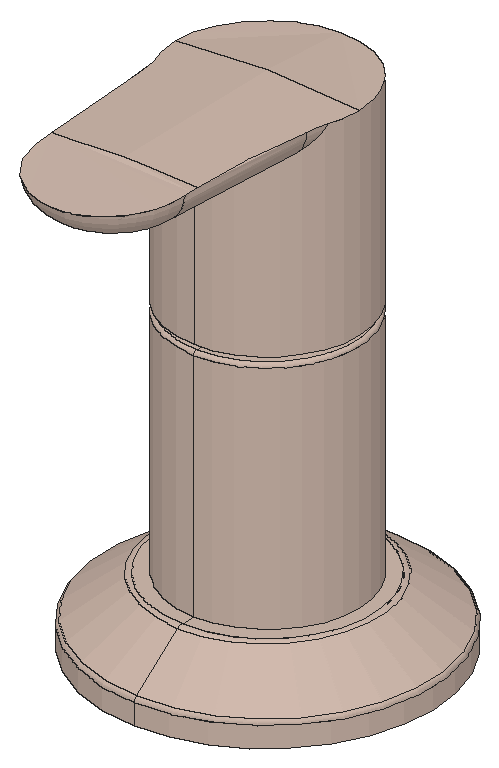
Revit family "Shower-Valve_Trim-KOHLER-July-K-16087IN-1", category Specialty Equipment, host Face, Revit 2021
Family settings
  Host = Face
  Round Connector Dimension = Use Diameter
  Part Type = Normal
  OmniClass Number = 23.31.25.00
  OmniClass Title = Toilet and Bath Specialties
  Cut with Voids When Loaded = No
  Shared = No
  Room Calculation Point = No
Parameters (values of type "RGD-Polished Rose Gold")
  Width = 2.20472"  # constant formula
  WaterSense Certified = 1 = 0  # no
  URL = "https://www.kohler.co.in/"
  Type = 5
  Product Page URL = "https://www.kohler.co.in/p/diverters-trims/july-in-line-stop-valve-trim-both-g13mm-and-g19mm-16087in-4?skuId=16087IN-4-RGD"
  Product Name = "July"  # constant formula
  Product Documentation Link = ""
  Model = if(Type = 1, "K-16087IN-4-AF", if(Type = 2, "K-16087IN-4-BV", if(Type = 3, "K-16087IN-4-BN", if(Type = 4, "K-16087IN-4-CP", if(Type = 5, "K-16087IN-4-RGD", if(Type = 6, "K-10687IN-4-BRD", "NA"))))))  # "K-16087IN-4-RGD"
  Material = "Premium Metal Construction"  # constant formula
  Master Format 2014 Name = "Toilet, Bath, and Laundry Accessories"  # constant formula
  Master Format 2014 = "10 28 00"  # constant formula
  Manufacturer Address = "Ambience Office Tower NH-8 Gurgaon / Gurugram Haryana , 122001"  # constant formula
  Manufacturer = "Kohler Co."  # constant formula
  Length = 3.44587"  # constant formula
  Height = 2.20472"  # constant formula
  Finish = Kohler-Metal-RGD-Polished_Rose_Gold
  Environmental Product Declaration = ""
  Description = "In-line stop valve trim (both G13mm and G19mm)"  # constant formula
  Default Elevation = 42"
  Declare Label = ""
  Date Modified = "08/16/2024"  # constant formula
  Date Created = "12/10/2020"  # constant formula
  Copyright = "Copyright Kohler Co."  # constant formula
  Contact Us = "https://www.kohler.co.in/contact-us"
  Assembly Code = "C1030200"
  ADA Compliant = 1 = 0  # no
Types (7): name | Type | Product Page URL | Model | Finish
  (no name) | 5 | "https://www.kohler.co.in/p/diverters-trims/july-in-line-stop-valve-trim-both-g13mm-and-g19mm-16087in-4?skuId=16087IN-4-RGD" | "K-16087IN-4-RGD" | Kohler-Metal-RGD-Polished_Rose_Gold
  AF-Vibrant French Gold | 1 | "https://www.kohler.co.in/p/diverters-trims/july-in-line-stop-valve-trim-both-g13mm-and-g19mm-16087in-4?skuId=16087IN-4-AF" | "K-16087IN-4-AF" | Kohler-Metal-AF-Vibrant_French_Gold
  BV-Brushed Bronze | 2 | "" | "K-16087IN-4-BV" | Kohler-Metal-BV-Brushed_Bronze
  BN-Vibrant Brushed Nickel | 3 | "" | "K-16087IN-4-BN" | Kohler-Metal-BN-Vibrant_Brushed_Nickel
  CP-Polished Chrome | 4 | "https://www.kohler.co.in/product-detail/16087in-4?skuid=K-16087IN-4-CP" | "K-16087IN-4-CP" | Kohler-Metal-CP-Polished_Chrome
  RGD-Polished Rose Gold | 5 | "https://www.kohler.co.in/p/diverters-trims/july-in-line-stop-valve-trim-both-g13mm-and-g19mm-16087in-4?skuId=16087IN-4-RGD" | "K-16087IN-4-RGD" | Kohler-Metal-RGD-Polished_Rose_Gold
  BRD-Brushed Rose Gold | 6 | "" | "K-10687IN-4-BRD" | KOHLER-Metal-BRD-Brushed_Rose_Gold
Reference planes (in)
  plane 1 "Center (Front/Back)": y = 0
  plane 2: z = 0
  plane 3 "Center (Left/Right)": x = 0
  plane 4: y = 1.10236
  plane 5: x = -1.10236
  plane 6: x = 1.10236
  plane 7: y = -1.10236
  plane 8: y = -1.77165
  plane 9: z = 3.44587
  plane 10: z = 0.43307
Dimensions and locks (in)
  locked: plane 4 to plane 8 at 2.87402
  locked: plane 1 "Center (Front/Back)" to plane 8 at 1.77165
  plane 10 to plane 2 = 0.43307"
  "Width": plane 5 to plane 6
  "Height": plane 4 to plane 7
  "Length": plane 9 to level
  aligned and locked: plane 2 to host face
  aligned and locked: level to host face
  aligned and locked: plane 3 "Center (Left/Right)" to nested 1
  aligned and locked: plane 1 "Center (Front/Back)" to nested 1
  aligned and locked: plane 7 to nested 1
  aligned and locked: plane 4 to nested 1
  aligned and locked: plane 6 to nested 1
  aligned and locked: plane 5 to nested 1
  aligned and locked: level to nested 1
  aligned and locked: plane 10 to nested 1
  aligned and locked: plane 9 to nested 1
Automatic sketch dimensions
  host sketch curve to host sketch curve = 96"  (x2)
Nested families (in)
  nested 1: "K-16087IN" at (0, 0, 0), type "K-16087IN"
Definition of nested family "K-16087IN"
  Parameters
    Material = none
    Default Elevation = 0"
  Reference planes (in)
    plane 1 "Center (Front/Back)": y = 0
    plane 2: z = 0
    plane 3 "Center (Left/Right)": x = 0
    plane 4: z = 3.44586
    plane 5: y = -1.77165
    plane 6: y = 1.10236
    plane 7: y = -1.10236
    plane 8: z = 0.43307
    plane 9: x = -1.10236
    plane 10: x = 1.10236
    plane 11: z = 0
  Forms (in)
    Revolve 1, solid, material <- "Material", detail levels medium+fine
      sketch origin (0, 0, 0) x (0, 1, 0) y (0, 0, 1)
        loop
          line (0, 3.44586) -> (0, 0) -> (1.10236, 0) -> (1.10236, 0.13763)
          arc (1.10236, 0.13763) -> (1.09812, 0.15539) -> (1.0863, 0.16932) r 0.0393
          line (1.0863, 0.16932) -> (0.74226, 0.42164)
          arc (0.74226, 0.42164) -> (0.72571, 0.43014) -> (0.70733, 0.43307) r 0.05906
          line (0.70733, 0.43307) -> (0.61101, 0.43307) -> (0.61101, 1.98819)
          arc (0.61101, 1.98819) -> (0.60409, 2.00489) -> (0.58739, 2.01181) r 0.02362
          line (0.58739, 2.01181) -> (0.50713, 2.01181)
          arc (0.50713, 2.01181) -> (0.47945, 2.02515) -> (0.47266, 2.05512) r 0.03537
          line (0.47266, 2.05512) -> (0.61101, 2.05512) -> (0.61101, 3.44586) -> (0, 3.44586)
        axis (0, 3.44586) -> (0, 0)
      angle from 0 to 360
    Sweep 2, solid, material <- "Material", detail levels medium+fine
      path origin (0, 0, 0) x (1, 0, 0) y (0, 1, 0)
        loop
          arc (-0.61101, 0) -> (-0.55939, -0.24565) -> (-0.53131, -0.49509) r 2.64353
          arc (-0.53131, -0.49509) -> (-0.50545, -0.90592) -> (-0.48107, -1.31684) r 115.51117
          arc (-0.48107, -1.31684) -> (0.01304, -1.77026) -> (0.48068, -1.28959) r 0.48127
          arc (0.48068, -1.28959) -> (0.49809, -0.82523) -> (0.54945, -0.36339) r 6.34258
          arc (0.54945, -0.36339) -> (0.57838, -0.18138) -> (0.61101, 0) r 9.02962
      profile origin (0.01304, -1.77026, 0) x (-0.028329, 0.999599, 0) y (0, 0, 1)
        loop
          line (0, 3.44586) -> (0, 3.41151)
          arc (0, 3.41151) -> (0.06287, 3.25972) -> (0.21466, 3.19685) r 0.21466
          line (0.21466, 3.19685) -> (0.34904, 3.19685) -> (0.34904, 3.44586) -> (0, 3.44586)
    Extrusion 3, solid, material <- "Material", detail levels medium+fine
      sketch origin (0, 0, 0) x (1, 0, 0) y (0, 1, 0)
        loop
          arc (0.13164, -1.2893) -> (0.14574, -0.86075) -> (0.18725, -0.43399) r 6.69162
          arc (0.18725, -0.43399) -> (0.46289, 0.0956) -> (0, 0.47266) r 0.47266
          arc (0, 0.47266) -> (-0.46309, 0.09464) -> (-0.18545, -0.43476) r 0.47266
          arc (-0.18545, -0.43476) -> (-0.15822, -0.86572) -> (-0.1326, -1.29678) r 115.86021
          arc (-0.1326, -1.29678) -> (0.00316, -1.42137) -> (0.13164, -1.2893) r 0.13223
      from 3.19685 to 3.44586
    Sweep 4, void
      path origin (0, 0, 0) x (0, 1, 0) y (0, 0, 1)
        loop
          arc (1.47605, 3.14504) -> (0.75319, 3.36989) -> (0, 3.44586) r 3.77167
          line (0, 3.44586) -> (-1.1811, 3.44586)
          arc (-1.1811, 3.44586) -> (-2.12196, 3.29838) -> (-2.97256, 2.8701) r 3.07489
      profile origin (0, -0.59055, 3.44586) x (0, 0, -1) y (1, 0, 0)
        loop
          arc (0.08879, -0.7311) -> (0.02349, 0.00757) -> (0.07127, 0.74759) r 4.8632
          line (0.07127, 0.74759) -> (-0.10806, 0.74759) -> (-0.10806, -0.7311) -> (0.08879, -0.7311)
    Extrusion 5, void
      sketch origin (0, 0, 0) x (1, 0, 0) y (0, 0, 1)
        loop
          circle (-0.00016, 3.00144) r 0.14407
      from -0.81094 to -0.48919
    Revolve 6, solid, material <- "Material", detail levels coarse
      sketch origin (0, 0, 0) x (0, 1, 0) y (0, 0, 1)
        loop
          line (0, 0) -> (1.10236, 0) -> (1.10236, 0.43307) -> (0.61101, 0.43307) -> (0.61101, 3.44586) -> (0, 3.44586) -> (0, 0)
        axis (0, 3.44586) -> (0, 0)
      angle from 0 to 360
    Extrusion 7, solid, material <- "Material", detail levels coarse
      sketch origin (0, 0, 0) x (0, 1, 0) y (0, 0, 1)
        loop
          line (0, 3.44586) -> (-1.77165, 3.44586) -> (-1.77165, 3.19184) -> (0, 3.19184) -> (0, 3.44586)
      from -0.4944 to 0.48476
    Revolve 8, solid, detail levels medium+fine
      sketch origin (0, 0, 0) x (0, 1, 0) y (0, 0, 1)
        loop
          line (0.48919, 3.00144) -> (0.59375, 3.00144) -> (0.59375, 3.12204)
          arc (0.59375, 3.12204) -> (0.58777, 3.13646) -> (0.57336, 3.14243) r 0.02039
          line (0.57336, 3.14243) -> (0.48919, 3.14243) -> (0.48919, 3.00144)
        axis (0.48919, 3.00144) -> (0.59375, 3.00144)
      angle from 0 to 360
  Cuts and joins
    Sweep 4, Extrusion 5 cuts Revolve 1
    Sweep 4, Extrusion 5 cuts Sweep 2
    Sweep 4, Extrusion 5 cuts Extrusion 3
    joined: Revolve 1, Sweep 2, Extrusion 3
    joined: Revolve 6, Extrusion 7
  Lines and regions (in)
    Masking region 1
      outline origin (0, 0, 0) x (0, 1, 0) y (0, 0, 1)
        loop
          line (0.61101, 2.05512) -> (0.61101, 2.85741)
          arc (0.61101, 2.85741) -> (0.59491, 3.00146) -> (0.61101, 3.14551) r 0.65225
          line (0.61101, 3.14551) -> (0.61101, 3.35697)
          arc (0.61101, 3.35697) -> (0.60208, 3.38194) -> (0.57934, 3.39558) r 0.03937
          arc (0.57934, 3.39558) -> (0.43682, 3.4191) -> (0.29304, 3.43307) r 2.16641
          arc (0.29304, 3.43307) -> (0.09181, 3.44266) -> (-0.10964, 3.44586) r 6.34369
          line (-0.10964, 3.44586) -> (-1.35472, 3.44586)
          arc (-1.35472, 3.44586) -> (-1.54103, 3.43427) -> (-1.72446, 3.39968) r 1.50307
          arc (-1.72446, 3.39968) -> (-1.75549, 3.38131) -> (-1.77165, 3.34908) r 0.06394
          line (-1.77165, 3.34908) -> (-1.77165, 3.31758)
          arc (-1.77165, 3.31758) -> (-1.74498, 3.28349) -> (-1.71333, 3.25395) r 0.278
          arc (-1.71333, 3.25395) -> (-1.63062, 3.20825) -> (-1.53746, 3.19242) r 0.28213
          line (-1.53746, 3.19242) -> (-0.8684, 3.19242)
          arc (-0.8684, 3.19242) -> (-0.6864, 3.11704) -> (-0.61101, 2.93504) r 0.25739
          line (-0.61101, 2.93504) -> (-0.61101, 2.05512) -> (-0.47266, 2.05512)
          arc (-0.47266, 2.05512) -> (-0.47945, 2.02515) -> (-0.50713, 2.01181) r 0.03537
          line (-0.50713, 2.01181) -> (-0.58739, 2.01181)
          arc (-0.58739, 2.01181) -> (-0.60409, 2.00489) -> (-0.61101, 1.98819) r 0.02362
          line (-0.61101, 1.98819) -> (-0.61101, 0.43307) -> (-0.70733, 0.43307)
          arc (-0.70733, 0.43307) -> (-0.72571, 0.43014) -> (-0.74226, 0.42164) r 0.05906
          line (-0.74226, 0.42164) -> (-1.0863, 0.16932)
          arc (-1.0863, 0.16932) -> (-1.09812, 0.15539) -> (-1.10236, 0.13763) r 0.0393
          line (-1.10236, 0.13763) -> (-1.10236, 0) -> (0, 0) -> (1.10236, 0) -> (1.10236, 0.13763)
          arc (1.10236, 0.13763) -> (1.09812, 0.15539) -> (1.0863, 0.16932) r 0.0393
          line (1.0863, 0.16932) -> (0.74226, 0.42164)
          arc (0.74226, 0.42164) -> (0.72571, 0.43014) -> (0.70733, 0.43307) r 0.05906
          line (0.70733, 0.43307) -> (0.61101, 0.43307) -> (0.61101, 1.98819)
          arc (0.61101, 1.98819) -> (0.60409, 2.00489) -> (0.58739, 2.01181) r 0.02362
          line (0.58739, 2.01181) -> (0.50713, 2.01181)
          arc (0.50713, 2.01181) -> (0.47945, 2.02515) -> (0.47266, 2.05512) r 0.03537
          line (0.47266, 2.05512) -> (0.61101, 2.05512)
    Masking region 2
      outline origin (0, 0, 0) x (1, 0, 0) y (0, 0, 1)
        loop
          line (1.10236, 0) -> (1.10236, 0.13559)
          arc (1.10236, 0.13559) -> (1.097, 0.15793) -> (1.08208, 0.1754) r 0.04921
          line (1.08208, 0.1754) -> (0.74088, 0.4233)
          arc (0.74088, 0.4233) -> (0.72661, 0.43057) -> (0.71079, 0.43307) r 0.05118
          line (0.71079, 0.43307) -> (0.61101, 0.43307) -> (0.61101, 1.99016)
          arc (0.61101, 1.99016) -> (0.60467, 2.00547) -> (0.58936, 2.01181) r 0.02165
          line (0.58936, 2.01181) -> (0.51793, 2.01181)
          arc (0.51793, 2.01181) -> (0.48884, 2.02479) -> (0.47908, 2.05512) r 0.03908
          line (0.47908, 2.05512) -> (0.61101, 2.05512) -> (0.61101, 3.3883)
          arc (0.61101, 3.3883) -> (0.60516, 3.40387) -> (0.5905, 3.41172) r 0.02362
          arc (0.5905, 3.41172) -> (0.33257, 3.43732) -> (0.07352, 3.44586) r 3.93067
          line (0.07352, 3.44586) -> (-0.04856, 3.44586)
          arc (-0.04856, 3.44586) -> (-0.32124, 3.43345) -> (-0.59166, 3.39632) r 3.00189
          arc (-0.59166, 3.39632) -> (-0.60554, 3.38821) -> (-0.61101, 3.37309) r 0.02362
          line (-0.61101, 3.37309) -> (-0.61101, 2.05512) -> (-0.47908, 2.05512)
          arc (-0.47908, 2.05512) -> (-0.48884, 2.02479) -> (-0.51793, 2.01181) r 0.03908
          line (-0.51793, 2.01181) -> (-0.58936, 2.01181)
          arc (-0.58936, 2.01181) -> (-0.60467, 2.00547) -> (-0.61101, 1.99016) r 0.02165
          line (-0.61101, 1.99016) -> (-0.61101, 0.43307) -> (-0.71079, 0.43307)
          arc (-0.71079, 0.43307) -> (-0.72661, 0.43057) -> (-0.74088, 0.4233) r 0.05118
          line (-0.74088, 0.4233) -> (-1.08211, 0.17538)
          arc (-1.08211, 0.17538) -> (-1.09701, 0.15793) -> (-1.10236, 0.13563) r 0.04913
          line (-1.10236, 0.13563) -> (-1.10236, 0) -> (1.10236, 0)
    Masking region 3
      outline origin (0, 0, 0) x (1, 0, 0) y (0, 1, 0)
        loop
          arc (0.4915, -0.98673) -> (0.93717, -0.58044) -> (1.10236, -0.00044) r 1.10236
          arc (1.10236, -0.00044) -> (0.00071, 1.10236) -> (-1.10236, 0.00098) r 1.10236
          arc (-1.10236, 0.00098) -> (-0.93995, -0.57593) -> (-0.49969, -0.98261) r 1.10236
          spline (-0.49969, -0.98261) -> (-0.49867, -0.9997) -> (-0.49765, -1.01679) -> (-0.49664, -1.03388) -> (-0.49562, -1.05097) -> (-0.49461, -1.06806) -> (-0.4936, -1.08515) -> (-0.4926, -1.10224) -> (-0.4916, -1.11934) -> (-0.49059, -1.13643) -> (-0.4896, -1.15352) -> (-0.4886, -1.17061) -> (-0.48761, -1.18771)
          spline (-0.48761, -1.18771) -> (-0.48698, -1.19847) -> (-0.48635, -1.20922) -> (-0.48572, -1.21998) -> (-0.48508, -1.23074) -> (-0.48444, -1.2415) -> (-0.4838, -1.25226) -> (-0.48316, -1.26301) -> (-0.48251, -1.27377) -> (-0.48186, -1.28452) -> (-0.4812, -1.29527) -> (-0.48055, -1.30603) -> (-0.47989, -1.31678)
          arc (-0.47989, -1.31678) -> (-0.3306, -1.63988) -> (0.00003, -1.77165) r 0.48054
          arc (0.00003, -1.77165) -> (0.34033, -1.63034) -> (0.48051, -1.28959) r 0.48054
          spline (0.48051, -1.28959) -> (0.48054, -1.28101) -> (0.48057, -1.27244) -> (0.48062, -1.26387) -> (0.48067, -1.2553) -> (0.48074, -1.24672) -> (0.48081, -1.23815) -> (0.4809, -1.22957) -> (0.481, -1.221) -> (0.48111, -1.21242) -> (0.48123, -1.20384) -> (0.48136, -1.19527) -> (0.4815, -1.18669)
          arc (0.4815, -1.18669) -> (0.48486, -1.08663) -> (0.4915, -0.98673) r 3.04152
    symbolic lines, detail levels medium+fine
      curve 1: line (0, 0.47266, 2.05512) -> (0, -0.47266, 2.05512)
      curve 2: line (0, 0.50713, 2.01181) -> (0, -0.50713, 2.01181)
      curve 3: line (0, 0.61101, 0.43307) -> (0, -0.61101, 0.43307)
      curve 4: line (0, 1.10236, 0.13763) -> (0, -1.10236, 0.13763)
      curve 5: line (0, -1.0863, 0.16932) -> (0, 1.0863, 0.16932)
      curve 6: line (0.61101, 0, 0.43307) -> (-0.61101, 0, 0.43307)
      curve 7: line (-1.08211, 0, 0.17538) -> (1.0821, 0, 0.17538)
      curve 8: line (1.10236, 0, 0.13559) -> (-1.10236, 0, 0.13559)
      curve 9: line (0.47908, 0, 2.05512) -> (-0.47908, 0, 2.05512)
      curve 10: line (0.51793, 0, 2.01181) -> (-0.51793, 0, 2.01181)
      curve 11: arc (-0.14422, 0, 3.00144) -> (-0.00016, 0, 2.85737) -> (0.14391, 0, 3.00144) r 0.14407
      curve 12: arc (0.14391, 0, 3.00144) -> (-0.00016, 0, 3.14551) -> (-0.14422, 0, 3.00144) r 0.14407
      curve 13: arc (0.49247, -0.96246, 0) -> (0.00489, 1.08112, 0) -> (-0.50116, -0.95796, 0) r 1.08113
      curve 14: arc (0.5382, -0.44063, 0) -> (-0.0038, 0.69555, 0) -> (-0.53335, -0.44648, 0) r 0.69556
      curve 15: arc (0.52659, -0.53312, 0) -> (0.0006, 0.74934, 0) -> (-0.52744, -0.53228, 0) r 0.74934
      curve 16: arc (0.5724, -0.21376, 0) -> (-0.02104, 0.61065, 0) -> (-0.55633, -0.25265, 0) r 0.61101
      curve 17: spline (0.5724, -0.21376, 0) -> (0.57036, -0.22621, 0) -> (0.56834, -0.23866, 0) -> (0.56633, -0.25112, 0) -> (0.56435, -0.26358, 0) -> (0.56238, -0.27604, 0) -> (0.56043, -0.2885, 0) -> (0.55849, -0.30097, 0) -> (0.55657, -0.31344, 0) -> (0.55467, -0.32591, 0) -> (0.55278, -0.33838, 0) -> (0.55092, -0.35086, 0) -> (0.54907, -0.36334, 0)
      curve 18: spline (-0.52981, -0.49499, 0) -> (-0.53007, -0.49094, 0) -> (-0.53034, -0.4869, 0) -> (-0.53061, -0.48286, 0) -> (-0.53089, -0.47881, 0) -> (-0.53118, -0.47477, 0) -> (-0.53147, -0.47073, 0) -> (-0.53177, -0.46669, 0) -> (-0.53207, -0.46264, 0) -> (-0.53238, -0.4586, 0) -> (-0.5327, -0.45456, 0) -> (-0.53302, -0.45052, 0) -> (-0.53335, -0.44648, 0)
      curve 19: arc (0.54907, -0.36334, 0) -> (0.5435, -0.40196, 0) -> (0.5382, -0.44063, 0) r 5.75249
      curve 20: arc (-0.49969, -0.98261, 0) -> (-0.50043, -0.97028, 0) -> (-0.50116, -0.95796, 0) r 117.59418
      curve 21: arc (0.5382, -0.44063, 0) -> (0.5322, -0.48685, 0) -> (0.52659, -0.53312, 0) r 5.75249
      curve 22: arc (0.52659, -0.53312, 0) -> (0.50551, -0.74747, 0) -> (0.49247, -0.96246, 0) r 5.75249
      curve 23: arc (0.49247, -0.96246, 0) -> (0.49197, -0.97459, 0) -> (0.4915, -0.98673, 0) r 5.75249
      curve 24: arc (-0.50116, -0.95796, 0) -> (-0.51411, -0.74511, 0) -> (-0.52744, -0.53228, 0) r 117.59418
      curve 25: arc (-0.52744, -0.53228, 0) -> (-0.52862, -0.51364, 0) -> (-0.52981, -0.49499, 0) r 117.59418
      curve 26: spline (-0.53335, -0.44648, 0) -> (-0.53473, -0.43027, 0) -> (-0.5362, -0.41407, 0) -> (-0.53778, -0.39787, 0) -> (-0.53945, -0.38169, 0) -> (-0.54122, -0.36552, 0) -> (-0.54308, -0.34936, 0) -> (-0.54505, -0.33321, 0) -> (-0.54711, -0.31707, 0) -> (-0.54927, -0.30094, 0) -> (-0.55152, -0.28483, 0) -> (-0.55388, -0.26874, 0) -> (-0.55633, -0.25265, 0)
  Dimensions and locks (in)
    locked: plane 1 "Center (Front/Back)" to plane 5 at 1.77165
    locked: plane 6 to plane 7 at 2.20472
    locked: plane 4 to level at 3.44551
    locked: plane 8 to level at 0.43307
    aligned and locked: plane 2 to level
    aligned and locked: Masking region 1 sketch curve to cut or joined group of Revolve 6, Extrusion 7
